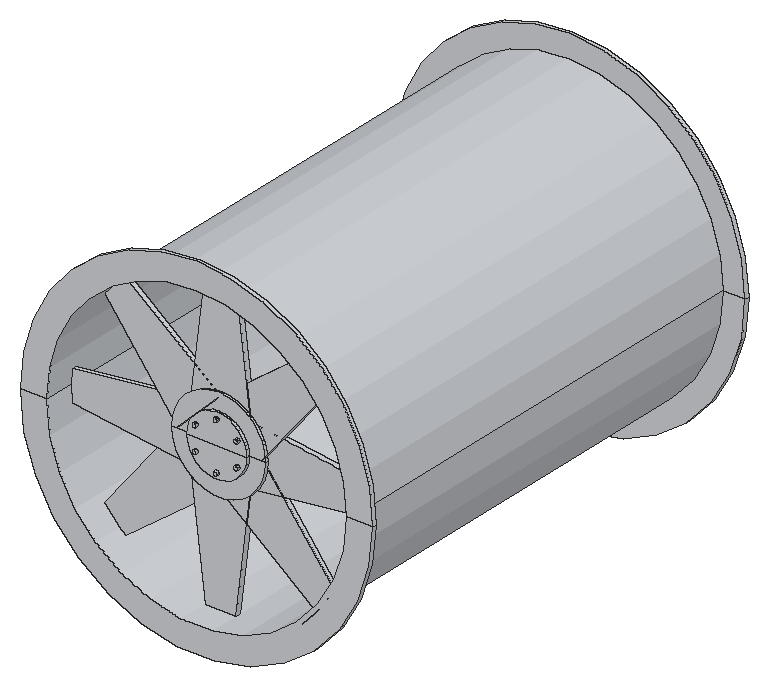
Revit family "CADS_Vent-Axia_MechEquip_Fan_BIFA_400_3Ph4P - EXTRACT", category Mechanical Equipment, Revit 2020
Family settings
  Round Connector Dimension = Use Diameter
  Part Type = Normal
  OmniClass Number = 23.75.00.00
  OmniClass Title = Climate Control (HVAC)
  Work Plane-Based = No
  Always vertical = Yes
  Cut with Voids When Loaded = No
  Shared = No
  Room Calculation Point = No
Parameters (values of type "BIFA403440")
  WorkingPressure = 0.0 Pa
  WarrantyStartDate [instance] = "1900-12-31T23:59:59"
  WarrantyPeriod = ""
  WarrantyIdentifier = "N/A"
  WarrantyGuarantorParts = "tech@vent-axia.com"
  WarrantyGuarantorLabor = "tech@vent-axia.com"
  WarrantyGuarantor = "Vent-Axia Limited"
  WarrantyEndDate [instance] = "1900-12-31T23:59:59"
  WarrantyContent = ""
  TemperatureRange = ""
  TagNumber [instance] = "N/A"
  SustainabilityPerformance = ""
  Status = "New"
  Size = ""
  Shape = ""
  ServiceLifeType = ""
  ServiceLifeDuration = ""
  SerialNumber [instance] = "N/A"
  ReplacementCost = ""
  RatedVoltage = 0 V
  RatedCurrent = 0 A
  Quantity = 1
  ProductionYear = ""
  PressureCurve = ""
  PowerFactor = ""
  PointOfContact = ""
  NumberOfPoles = 0
  NominalWidth = 400 mm
  NominalLength = 625 mm
  NominalHeight = 400 mm
  NominalFrequencyRange = ""
  NominalDiameter = 400 mm
  ModelReference = "BIF 400MM 3PH 4P 40DEG"
  ModelNumber = "BIFA403440"
  Material = ""
  ManufacturerE-Mail = "tech@vent-axia.com"
  ManufacturerAddress = "Fleming Way\nCrawley \nRH10 9YX"
  IsExtendedWarranty = no
  InsulationStandardClass = ""
  InstallationDate [instance] = "1900-12-31T23:59:59"
  IfcExportType [instance] = ""
  IfcExportAs = "IfcFanType"
  IP_Code = ""
  HasProtectiveEarth = no
  GrossWeight = 0.00 kg
  Grade = ""
  GlobalTradeItemNumber [instance] = "N/A"
  Fitting Type = "Ignore"
  Finish = ""
  Features = ""
  ExteriorInsulation = no
  ExpectedServiceLife = 0
  Exclusions = ""
  DurationUnit = "Year"
  Default Elevation = 0 mm
  Constituents = ""
  ConductorFunction = ""
  Color = ""
  CodePerformance = ""
  Category = ""
  CADS_Usage = 0
  CADS_Index = 0
  AssetType = "FIXED"
  AssetIdentifier [instance] = "N/A"
  AssemblyPlace = "UNKNOWN"
  ArticleNumber [instance] = "N/A"
  AirflowRateRange = 0.0 L/s
  Air Flow [instance] = 0.0 L/s
  AccessibilityPerformance = ""
Types (16, lengths in mm): name | ModelReference | ModelNumber
  BIFA403410 | "BIF 400MM 3PH 4P 10DEG" | "BIFA403410"
  BIFA403412 | "BIF 400MM 3PH 4P 12DEG" | "BIFA403412"
  BIFA403414 | "BIF 400MM 3PH 4P 14DEG" | "BIFA403414"
  BIFA403416 | "BIF 400MM 3PH 4P 16DEG" | "BIFA403416"
  BIFA403418 | "BIF 400MM 3PH 4P 18DEG" | "BIFA403418"
  BIFA403420 | "BIF 400MM 3PH 4P 20DEG" | "BIFA403420"
  BIFA403422 | "BIF 400MM 3PH 4P 22DEG" | "BIFA403422"
  BIFA403424 | "BIF 400MM 3PH 4P 24DEG" | "BIFA403424"
  BIFA403426 | "BIF 400MM 3PH 4P 26DEG" | "BIFA403426"
  BIFA403428 | "BIF 400MM 3PH 4P 28DEG" | "BIFA403428"
  BIFA403430 | "BIF 400MM 3PH 4P 30DEG" | "BIFA403430"
  BIFA403432 | "BIF 400MM 3PH 4P 32DEG" | "BIFA403432"
  BIFA403434 | "BIF 400MM 3PH 4P 34DEG" | "BIFA403434"
  BIFA403436 | "BIF 400MM 3PH 4P 36DEG" | "BIFA403436"
  BIFA403438 | "BIF 400MM 3PH 4P 38DEG" | "BIFA403438"
  BIFA403440 | "BIF 400MM 3PH 4P 40DEG" | "BIFA403440"
Reference planes
  plane 1 "Center (Front/Back)": y = 0
  plane 2: z = 0
  plane 3 "Center (Left/Right)": x = 0
  plane 4: x = -200
  plane 5: x = 200
  plane 6 "F": y = -312.5
  plane 7 "B": y = 312.5
  plane 8: x = -235
  plane 9: y = 307.5
  plane 10: y = -307.5
  plane 11: x = -205
  plane 12: y = -272.5
Forms (mm)
  Revolve 1, solid
    sketch origin (0, 0, 0) x (1, 0, 0) y (0, 1, 0)
      loop
        line (-235, -312.5) -> (-200, -312.5) -> (-200, 312.5) -> (-235, 312.5) -> (-235, 307.5) -> (-205, 307.5) -> (-205, -307.5) -> (-235, -307.5) -> (-235, -312.5)
      axis (0, 312.5) -> (0, -312.5)
    angle from 0 to 360
Dimensions and locks
  equal spacing: plane 4, plane 3 "Center (Left/Right)", plane 5
  equal spacing: plane 7 "B", plane 1 "Center (Front/Back)", plane 6 "F"
  "NominalLength": plane 7 "B" to plane 6 "F"
  "NominalDiameter": plane 4 to plane 5
  locked: plane 11 to plane 4 at 5
  locked: plane 8 to plane 11 at 30
  locked: plane 6 "F" to plane 10 at 5
  locked: plane 7 "B" to plane 9 at 5
  locked: plane 6 "F" to plane 12 at 40
  aligned and locked: level to plane 2
  aligned and locked: nested 1 to plane 12
Automatic sketch dimensions
  plane 6 "F" to Revolve 1 sketch curve = 0 mm
  Revolve 1 sketch curve to plane 8 = 0 mm  (x2)
  plane 10 to Revolve 1 sketch curve = 0 mm
  Revolve 1 sketch curve to plane 11 = 0 mm
  Revolve 1 sketch curve to plane 4 = 0 mm
  Revolve 1 sketch curve to plane 3 "Center (Left/Right)" = 0 mm
  plane 1 "Center (Front/Back)" to Revolve 1 sketch curve = 0 mm
  Revolve 1 sketch curve to plane 9 = 0 mm
  Revolve 1 sketch curve to plane 7 "B" = 0 mm
  plane 6 "F" to Revolve 1 sketch curve = 115 mm
Nested families
  nested 1: "Fan for BIFA" at (0, -272.5, 0), ND <- "NominalDiameter", type "Fan for BIFA"
    with hub 40 mm, ND 400 mm, BoltPCD 32 mm, Bolt Count 6, B_Diam 5 mm
  nested 2: "Bolts" at (27.713, -281.672, -16) x (-0.5, 0, -0.866) z (0, 1, 0), type "Bolts"
    with bd 5 mm
  nested 3: "Bolts" at (0, -281.672, -32) x (-1, 0, 0) z (0, 1, 0), type "Bolts"
    with bd 5 mm
  nested 4: "Bolts" at (-27.713, -281.672, -16) x (-0.5, 0, 0.866) z (0, 1, 0), type "Bolts"
    with bd 5 mm
  nested 5: "Bolts" at (-27.713, -281.672, 16) x (0.5, 0, 0.866) z (0, 1, 0), type "Bolts"
    with bd 5 mm
  nested 6: "Bolts" at (27.713, -281.672, 16) x (0.5, 0, -0.866) z (0, 1, 0), type "Bolts"
    with bd 5 mm
  nested 7: "Bolts" at (0, -281.672, 32) x (1, 0, 0) z (0, 1, 0), type "Bolts"
    with bd 5 mm
  nested 8: "BIFA Blade" at (0, -272.5, 0), type "BIFA Blade"
    with a 20.00°, HR 40 mm, HD 80 mm, BT 40 mm, BR 160 mm, BH 40 mm, BD 400 mm, BB 80 mm
  nested 9: "BIFA Blade" at (0, -272.5, 0) x (0.7071, 0, -0.7071) z (0.7071, 0, 0.7071), type "BIFA Blade"
    with a 20.00°, HR 40 mm, HD 80 mm, BT 40 mm, BR 160 mm, BH 40 mm, BD 400 mm, BB 80 mm
  nested 10: "BIFA Blade" at (0, -272.5, 0) x (0, 0, -1) z (1, 0, 0), type "BIFA Blade"
    with a 20.00°, HR 40 mm, HD 80 mm, BT 40 mm, BR 160 mm, BH 40 mm, BD 400 mm, BB 80 mm
  nested 11: "BIFA Blade" at (0, -272.5, 0) x (-0.7071, 0, -0.7071) z (0.7071, 0, -0.7071), type "BIFA Blade"
    with a 20.00°, HR 40 mm, HD 80 mm, BT 40 mm, BR 160 mm, BH 40 mm, BD 400 mm, BB 80 mm
  nested 12: "BIFA Blade" at (0, -272.5, 0) x (-1, 0, 0) z (0, 0, -1), type "BIFA Blade"
    with a 20.00°, HR 40 mm, HD 80 mm, BT 40 mm, BR 160 mm, BH 40 mm, BD 400 mm, BB 80 mm
  nested 13: "BIFA Blade" at (0, -272.5, 0) x (-0.7071, 0, -0.7071) z (-0.7071, 0, 0.7071), type "BIFA Blade"
    with a 20.00°, HR 40 mm, HD 80 mm, BT 40 mm, BR 160 mm, BH 40 mm, BD 400 mm, BB 80 mm
  nested 14: "BIFA Blade" at (0, -272.5, 0) x (0, 0, -1) z (-1, 0, 0), type "BIFA Blade"
    with a 20.00°, HR 40 mm, HD 80 mm, BT 40 mm, BR 160 mm, BH 40 mm, BD 400 mm, BB 80 mm
  nested 15: "BIFA Blade" at (0, -272.5, 0) x (0.7071, 0, -0.7071) z (-0.7071, 0, -0.7071), type "BIFA Blade"
    with a 20.00°, HR 40 mm, HD 80 mm, BT 40 mm, BR 160 mm, BH 40 mm, BD 400 mm, BB 80 mm
Connectors
  hvac at (0, -312.5, 0), driven by "NominalDiameter", driven by "Air Flow"
    settings: on Revolve 1, index 1, duct flow 0.0 L/s, flow factor 0, pres drop 0.0 Pa, loss coef 0, conn angle 0.00°, conn width 304.8 mm, conn height 304.8 mm, conn diameter 400 mm, duct sys type 2, conn prof type 0, flow config 0, flow direction 1, loss method 0, conn ref index -1, conn util no, is conn primary yes, conn desc ""
  hvac at (0, 312.5, 0), driven by "NominalDiameter", driven by "Air Flow"
    settings: on Revolve 1, index 2, duct flow 0.0 L/s, flow factor 0, pres drop 0.0 Pa, loss coef 0, conn angle 0.00°, conn width 304.8 mm, conn height 304.8 mm, conn diameter 400 mm, duct sys type 3, conn prof type 0, flow config 1, flow direction 2, loss method 0, conn ref index -1, conn util no, is conn primary no, conn desc ""
Definition of nested family "Fan for BIFA"
  Parameters (values of type "Fan for BIFA")
    hub [instance] = ND / 10  # 50 mm
    ND [instance] = 500 mm
    Model = "."
    Default Elevation = 0 mm
    BoltPCD [instance] = hub - (hub * 0.2)  # 40 mm
    Bolt Count [instance] = if(hub < 50 mm, 6, 8)  # 8
    B_Diam [instance] = if(hub < 50 mm, 5 mm, 10 mm)  # 10 mm
  Reference planes
    plane 1 "Center (Front/Back)": y = 0
    plane 2: z = 0
    plane 3 "Center (Left/Right)": x = 0
    plane 4 "back": y = 20
    plane 5 "bolts": y = -9.172
    plane 6 "B": z = 50
    plane 7: x = -72.587
    plane 8: x = -50
    plane 9 "hubface": y = -6.172
  Forms (mm)
    Revolve 1, solid
      sketch origin (0, 0, 0) x (1, 0, 0) y (0, 1, 0)
        loop
          line (0, 20) -> (-50, 20) -> (-50, 10.504) -> (-72.587, 10.504) -> (-72.587, -2.597) -> (-50, -2.597) -> (-50, -6.172) -> (0, -6.172) -> (0, 20)
        axis (0, 20) -> (0, -6.172)
      angle from 0 to 360
    Extrusion 2, solid, not visible
      sketch origin (0, -6.347, -4) x (-1, 0, 0) y (0, 0, 1)
        loop
          circle (0, 84) r 5
      from 0 to 3
  Lines and regions (mm)
    symbolic lines
      curve 1: circle (0, -9.172, 0) r 40 normal (0, 1, 0)
    model lines, not visible
      curve 2: line (0, -6.347, 85) -> (0, -6.347, 75)
  Dimensions and locks
    "hub": plane 6 "B" to plane 2
    "hub": nested 3 to plane 3 "Center (Left/Right)"
    "hub": nested 4 to plane 3 "Center (Left/Right)"
    "hub": nested 5 to plane 3 "Center (Left/Right)"
    "hub": plane 3 "Center (Left/Right)" to nested 6
    "hub": Revolve 1 sketch curve to Revolve 1 sketch curve
    "hub": plane 3 "Center (Left/Right)" to nested 7
    "hub": plane 3 "Center (Left/Right)" to nested 8
    "hub": plane 3 "Center (Left/Right)" to nested 9
    "hub": plane 8 to plane 3 "Center (Left/Right)"
    plane 7 to plane 8 = 22.587 mm
    diameter of Extrusion 2 sketch curve = 10 mm
    "BoltPCD": radius of curve 1
    "BoltPCD": radius of radial array
    aligned and locked: level to plane 2
    aligned and locked: plane 6 "B" to nested 1
  Automatic sketch dimensions
    Revolve 1 sketch curve to plane 7 = 0 mm
    Revolve 1 sketch curve to plane 8 = 0 mm  (x2)
    Revolve 1 sketch curve to plane 3 "Center (Left/Right)" = 0 mm
    Revolve 1 sketch curve to plane 9 "hubface" = 0 mm
    plane 4 "back" to Revolve 1 sketch curve = 0 mm
    plane 1 "Center (Front/Back)" to Revolve 1 sketch curve = 2.597 mm
    plane 4 "back" to Revolve 1 sketch curve = 9.496 mm
    plane 4 "back" to Revolve 1 sketch curve = 5 mm
    Revolve 1 sketch curve to Revolve 1 sketch curve = 45 mm
    curve 1 to level = 0 mm
    curve 1 to plane 3 "Center (Left/Right)" = 0 mm
  Nested families
    nested 1: "BIFA Blade" at (0, 0, 25), BD <- "ND", HD <- "hub", type "BIFA Blade"
      with a 20.00°, HR 25 mm, HD 50 mm, BT 25 mm, BR 100 mm, BH 40 mm, BD 250 mm, BB 50 mm
    nested 2: "BIFA Blade" at (0, 0, 55), BD <- "ND", HD <- "hub", type "BIFA Blade", not visible
      with a 20.00°, HR 25 mm, HD 50 mm, BT 25 mm, BR 100 mm, BH 40 mm, BD 250 mm, BB 50 mm
    nested 3: "BIFA Blade" at (17.678, 0, 17.678) x (0.7071, 0, -0.7071) z (0.7071, 0, 0.7071), BD <- "ND", HD <- "hub", type "BIFA Blade"
      with a 20.00°, HR 25 mm, HD 50 mm, BT 25 mm, BR 100 mm, BH 40 mm, BD 250 mm, BB 50 mm
    nested 4: "BIFA Blade" at (25, 0, 0) x (0, 0, -1) z (1, 0, 0), BD <- "ND", HD <- "hub", type "BIFA Blade"
      with a 20.00°, HR 25 mm, HD 50 mm, BT 25 mm, BR 100 mm, BH 40 mm, BD 250 mm, BB 50 mm
    nested 5: "BIFA Blade" at (17.678, 0, -17.678) x (-0.7071, 0, -0.7071) z (0.7071, 0, -0.7071), BD <- "ND", HD <- "hub", type "BIFA Blade"
      with a 20.00°, HR 25 mm, HD 50 mm, BT 25 mm, BR 100 mm, BH 40 mm, BD 250 mm, BB 50 mm
    nested 6: "BIFA Blade" at (0, 0, -25) x (-1, 0, 0) z (0, 0, -1), BD <- "ND", HD <- "hub", type "BIFA Blade"
      with a 20.00°, HR 25 mm, HD 50 mm, BT 25 mm, BR 100 mm, BH 40 mm, BD 250 mm, BB 50 mm
    nested 7: "BIFA Blade" at (-17.678, 0, 17.678) x (-0.7071, 0, -0.7071) z (-0.7071, 0, 0.7071), BD <- "ND", HD <- "hub", type "BIFA Blade"
      with a 20.00°, HR 25 mm, HD 50 mm, BT 25 mm, BR 100 mm, BH 40 mm, BD 250 mm, BB 50 mm
    nested 8: "BIFA Blade" at (-25, 0, 0) x (0, 0, -1) z (-1, 0, 0), BD <- "ND", HD <- "hub", type "BIFA Blade"
      with a 20.00°, HR 25 mm, HD 50 mm, BT 25 mm, BR 100 mm, BH 40 mm, BD 250 mm, BB 50 mm
    nested 9: "BIFA Blade" at (-17.678, 0, -17.678) x (0.7071, 0, -0.7071) z (-0.7071, 0, -0.7071), BD <- "ND", HD <- "hub", type "BIFA Blade"
      with a 20.00°, HR 25 mm, HD 50 mm, BT 25 mm, BR 100 mm, BH 40 mm, BD 250 mm, BB 50 mm
    nested 10: "Bolts" at (0, -9.172, 40) x (1, 0, 0) z (0, 1, 0), bd <- "B_Diam", type "Bolts"
      with bd 10 mm
    nested 11: "Bolts" at (28.284, -9.172, 28.284) x (0.7071, 0, -0.7071) z (0, 1, 0), bd <- "B_Diam", type "Bolts"
      with bd 10 mm
    nested 12: "Bolts" at (-28.284, -9.172, 28.284) x (0.7071, 0, 0.7071) z (0, 1, 0), bd <- "B_Diam", type "Bolts"
      with bd 10 mm
    nested 13: "Bolts" at (-40, -9.172, 0) x (0, 0, 1) z (0, 1, 0), bd <- "B_Diam", type "Bolts"
      with bd 10 mm
    nested 14: "Bolts" at (-28.284, -9.172, -28.284) x (-0.7071, 0, 0.7071) z (0, 1, 0), bd <- "B_Diam", type "Bolts"
      with bd 10 mm
    nested 15: "Bolts" at (0, -9.172, -40) x (-1, 0, 0) z (0, 1, 0), bd <- "B_Diam", type "Bolts"
      with bd 10 mm
    nested 16: "Bolts" at (28.284, -9.172, -28.284) x (-0.7071, 0, -0.7071) z (0, 1, 0), bd <- "B_Diam", type "Bolts"
      with bd 10 mm
    nested 17: "Bolts" at (40, -9.172, 0) x (0, 0, -1) z (0, 1, 0), bd <- "B_Diam", type "Bolts"
      with bd 10 mm
  Definition of nested family "BIFA Blade"
    Parameters (values of type "BIFA Blade")
      a [instance] = 20.00°
      HR [instance] = HD / 2  # 30 mm
      HD [instance] = BD / 5  # 60 mm
      Default Elevation = 1219.2 mm
      BT [instance] = BD / 10  # 30 mm
      BR [instance] = (BD / 2) - HR  # 120 mm
      BH [instance] = 40 mm
      BD [instance] = 300 mm
      BB [instance] = BD / 5  # 60 mm
    Reference planes
      plane 1 "Center (Front/Back)": y = 0
      plane 2: z = 0
      plane 3 "Center (Left/Right)": x = 0
      plane 4 "Blade Bot": z = 30
      plane 5: x = -30
      plane 6: x = 30
      plane 7: x = -15
      plane 8: x = 15
    Forms (mm)
      Blend 1, solid
        base sketch origin (0, 0, 30) x (-1, 0, 0) y (0, -1, 0)
          loop
            line (30, 0) -> (-30, 0) -> (-30, -6) -> (30, -6) -> (30, 0)
        top sketch origin (0, 0, 30) x (-1, 0, 0) y (0, -1, 0)
          loop
            line (15, -6) -> (15, 0) -> (-15, 0) -> (-15, -6) -> (15, -6)
        from 0 to 120 <- "BR"
    Dimensions and locks
      "HR": plane 4 "Blade Bot" to level
      equal spacing: plane 8, plane 3 "Center (Left/Right)", plane 7
      "BT": plane 8 to plane 7
      equal spacing: plane 6, plane 3 "Center (Left/Right)", plane 5
      "BB": plane 6 to plane 5
      aligned and locked: level to plane 2
    Automatic sketch dimensions
      plane 1 "Center (Front/Back)" to Blend 1 sketch curve = 0 mm  (x2)
      Blend 1 sketch curve to plane 6 = 0 mm
      Blend 1 sketch curve to plane 5 = 0 mm
      Blend 1 sketch curve to plane 1 "Center (Front/Back)" = 6 mm  (x2)
      Blend 1 sketch curve to plane 8 = 0 mm
      Blend 1 sketch curve to plane 7 = 0 mm
  Definition of nested family "Bolts"
    Parameters
      bd [instance] = 10 mm
      Default Elevation = 1219.2 mm
    Reference planes
      plane 1 "Center (Front/Back)": y = 0
      plane 2: z = 0
      plane 3 "Center (Left/Right)": x = 0
    Forms (mm)
      Extrusion 1, solid
        sketch origin (0, 0, 0) x (1, 0, 0) y (0, 1, 0)
          loop
            line (-1219.2, 1219.2) -> (-1219.2, -1219.2) -> (1219.2, -1219.2) -> (1219.2, 1219.2) -> (-1219.2, 1219.2)
        from 0 to -304.8
      Extrusion 2, solid
        sketch origin (0, 0, 0) x (1, 0, 0) y (0, 1, 0)
          loop
            circle (0, 0) r 5
        from 0 to 3
    Dimensions and locks
      "bd": diameter of Extrusion 2 sketch curve
      aligned and locked: plane 2 to Extrusion 1
      aligned and locked: level to Extrusion 1
    Automatic sketch dimensions
      Extrusion 1 sketch curve to Extrusion 1 sketch curve = 2438.4 mm  (x2)
      plane 1 "Center (Front/Back)" to Extrusion 2 sketch curve = 0 mm
      Extrusion 2 sketch curve to plane 3 "Center (Left/Right)" = 0 mm
Definition of nested family "Bolts"
  Parameters
    bd [instance] = 10 mm
    Default Elevation = 1219.2 mm
  Reference planes
    plane 1 "Center (Front/Back)": y = 0
    plane 2: z = 0
    plane 3 "Center (Left/Right)": x = 0
  Forms (mm)
    Extrusion 1, solid
      sketch origin (0, 0, 0) x (1, 0, 0) y (0, 1, 0)
        loop
          line (-1219.2, 1219.2) -> (-1219.2, -1219.2) -> (1219.2, -1219.2) -> (1219.2, 1219.2) -> (-1219.2, 1219.2)
      from 0 to -304.8
    Extrusion 2, solid
      sketch origin (0, 0, 0) x (1, 0, 0) y (0, 1, 0)
        loop
          circle (0, 0) r 5
      from 0 to 3
  Dimensions and locks
    "bd": diameter of Extrusion 2 sketch curve
    aligned and locked: plane 2 to Extrusion 1
    aligned and locked: level to Extrusion 1
  Automatic sketch dimensions
    Extrusion 1 sketch curve to Extrusion 1 sketch curve = 2438.4 mm  (x2)
    plane 1 "Center (Front/Back)" to Extrusion 2 sketch curve = 0 mm
    Extrusion 2 sketch curve to plane 3 "Center (Left/Right)" = 0 mm
Definition of nested family "BIFA Blade"
  Parameters (values of type "BIFA Blade")
    a [instance] = 20.00°
    HR [instance] = HD / 2  # 30 mm
    HD [instance] = BD / 5  # 60 mm
    Default Elevation = 1219.2 mm
    BT [instance] = BD / 10  # 30 mm
    BR [instance] = (BD / 2) - HR  # 120 mm
    BH [instance] = 40 mm
    BD [instance] = 300 mm
    BB [instance] = BD / 5  # 60 mm
  Reference planes
    plane 1 "Center (Front/Back)": y = 0
    plane 2: z = 0
    plane 3 "Center (Left/Right)": x = 0
    plane 4 "Blade Bot": z = 30
    plane 5: x = -30
    plane 6: x = 30
    plane 7: x = -15
    plane 8: x = 15
  Forms (mm)
    Blend 1, solid
      base sketch origin (0, 0, 30) x (-1, 0, 0) y (0, -1, 0)
        loop
          line (30, 0) -> (-30, 0) -> (-30, -6) -> (30, -6) -> (30, 0)
      top sketch origin (0, 0, 30) x (-1, 0, 0) y (0, -1, 0)
        loop
          line (15, -6) -> (15, 0) -> (-15, 0) -> (-15, -6) -> (15, -6)
      from 0 to 120 <- "BR"
  Dimensions and locks
    "HR": plane 4 "Blade Bot" to level
    equal spacing: plane 8, plane 3 "Center (Left/Right)", plane 7
    "BT": plane 8 to plane 7
    equal spacing: plane 6, plane 3 "Center (Left/Right)", plane 5
    "BB": plane 6 to plane 5
    aligned and locked: level to plane 2
  Automatic sketch dimensions
    plane 1 "Center (Front/Back)" to Blend 1 sketch curve = 0 mm  (x2)
    Blend 1 sketch curve to plane 6 = 0 mm
    Blend 1 sketch curve to plane 5 = 0 mm
    Blend 1 sketch curve to plane 1 "Center (Front/Back)" = 6 mm  (x2)
    Blend 1 sketch curve to plane 8 = 0 mm
    Blend 1 sketch curve to plane 7 = 0 mm
